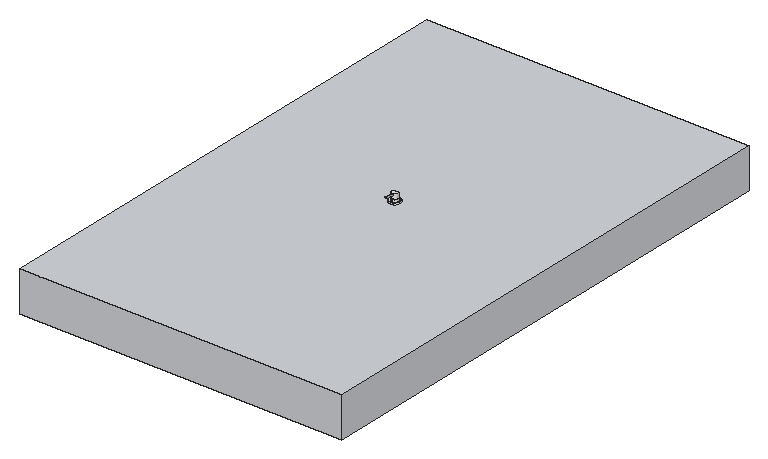
Revit family "Diverter_Valve_Trim-Two_Way-Grohe-Concetto-29108_Series", category Plumbing Fixtures, host Face, Revit 2018
Family settings
  Host = Face
  Round Connector Dimension = Use Diameter
  Part Type = Normal
  OmniClass Number = 23.45.05.14.17
  OmniClass Title = Showers
  Cut with Voids When Loaded = No
  Shared = Yes
  Room Calculation Point = No
Parameters (values of type "29108001")
  Width = 3 1/8"
  Waste Connection = no
  WFU = 4  # constant formula
  Vent Connection = no
  URL = "https://www.grohe.us"
  Type Comments = "GROHE StarLight scratch and tarnish-resistant surfaces for a lifetime of beauty, CALGreen and ADA compliant metal lever handle for shower head and hand shower outlets compatible with 0.5inch NPT 2-way diverter rough-in valves (29900 or 2990), and a metal wall escutcheon."  # constant formula
  Tempered Water Connection Diameter = 1/2"
  Tempered Water Connection = yes
  Revised Date = "07/12/2021"
  Product Page URL = "https://www.grohe.us/Bath-Shower-Trim-Kits/2-Way-Diverter-Trim/GROHE-CHROME-29108001"
  Product Documentation Link = "https://americanstandard.box.com/shared/static/0i51tw8tdv33h2wzc6rmaek00tzydmol.pdf"
  Price = "Prices may vary. Please consult Manufacturer Representative for most up-to-date price list."  # constant formula
  Model = "29108001"
  Material = "Metal-Grohe-001-StarLight Chrome"
  Manufacturer = "Grohe"  # constant formula
  Length = 2 5/8"
  Installation Type = "Wall Mounted"  # constant formula
  IAPMO Compliance = "ICC/ANSI A117.1"  # constant formula
  Height = 4 13/16"
  HWFU = 3  # constant formula
  HW Connection = no
  Finish = Metal-Grohe-001-StarLight Chrome
  Description = "Concetto 2-Way Diverter Trim (Shower head/Hand Shower)"  # constant formula
  Default Elevation = 44"  # constant formula
  Creation Date = "06/18/2018"  # constant formula
  CWFU = 3  # constant formula
  CW Connection = no
  Assembly Code = "D2010710"
  ADA Compliant = yes
Types (2): name | Product Page URL | Model | Material | Finish
  29108001 | "https://www.grohe.us/Bath-Shower-Trim-Kits/2-Way-Diverter-Trim/GROHE-CHROME-29108001" | "29108001" | "Metal-Grohe-001-StarLight Chrome" | Metal-Grohe-001-StarLight Chrome
  29108EN1 | "https://www.grohe.us/Bath-Shower-Trim-Kits/2-Way-Diverter-Trim/GROHE-BRUSHED-NICKEL-29108EN1" | "29108EN1" | "Metal-Grohe-EN1-Brushed Nickel Infinity Finish" | Metal-Grohe-EN1-Brushed Nickel Infinity Finish
Reference planes (in)
  plane 1 "Center (Front/Back)": y = 0
  plane 2: z = 0
  plane 3 "Center (Left/Right)": x = 0
  plane 4: z = 2.68355
  plane 5: z = 2.23466
  plane 6: y = -1.5625
  plane 7: y = 1.5625
  plane 8: z = 0.3125
  plane 9: z = 2.625
  plane 10: y = -3.25
  plane 11: through (0, -0.77615, 2.18879) normal (0, 0.1736, 0.9848)
  plane 12: z = 0.3125
  plane 13: z = -3.125
  plane 14: z = -2.87614
  plane 15: y = -44
Forms (in)
  Extrusion 1, solid
    sketch origin (0, 0, 0) x (1, 0, 0) y (0, 1, 0)
      loop
        line (-48, 72) -> (-48, -79.70833) -> (48, -79.70833) -> (48, 72) -> (-48, 72)
    from 0 to -12
  Revolve 2, solid, material "Metal-Grohe-001-StarLight Chrome" <- "Finish"
    sketch origin (0, 0, 0) x (0, 1, 0) y (0, 0, 1)
      loop
        line (1.5625, 0) -> (1.5625, 0.28125)
        arc (1.5625, 0.28125) -> (1.55354, 0.30316) -> (1.5318, 0.3125) r 0.03125
        arc (1.5318, 0.3125) -> (1.23954, 0.31715) -> (0.94727, 0.32082) r 87.07732
        line (0.94727, 0.32082) -> (0.94727, 0.89049)
        arc (0.94727, 0.89049) -> (0.93578, 0.91821) -> (0.90807, 0.92969) r 0.0392
        line (0.90807, 0.92969) -> (0.87317, 0.92969)
        arc (0.87317, 0.92969) -> (0.84961, 0.93945) -> (0.83984, 0.96302) r 0.03333
        line (0.83984, 0.96302) -> (0.83984, 0.99408) -> (0.9126, 0.99408)
        arc (0.9126, 0.99408) -> (0.93489, 1.00343) -> (0.94384, 1.02588) r 0.03125
        line (0.94384, 1.02588) -> (0.91813, 2.5) -> (0, 2.5) -> (0, 0) -> (1.5625, 0)
      axis (0, 2.5) -> (0, 0)
    angle from 0 to 360
  Extrusion 3, void
    sketch origin (0, 0, 0) x (0, 1, 0) y (0, 0, 1)
      loop
        line (0.98925, 1.94551) -> (0.98925, 2.57215) -> (-1, 2.57215) -> (-1, 2.39815)
        arc (-1, 2.39815) -> (-0.02642, 2.29426) -> (0.9257, 2.06594) r 7.59276
        line (0.9257, 2.06594) -> (0.9278, 1.94551) -> (0.98925, 1.94551)
      loop
        line (-3.5625, 2.68355) -> (-3.5625, 2.10924) -> (-3.25, 2.10924) -> (-3.25, 2.68355) -> (-3.5625, 2.68355)
    from -1.36469 to 1.35107
  Revolve 4, solid, material "Metal-Grohe-001-StarLight Chrome" <- "Finish"
    sketch origin (0, 0, 0) x (0, 1, 0) y (0, 0, 1)
      loop
        line (-3.3125, 2.63602) -> (-3.34506, 2.45137) -> (-0.7449, 1.99289) -> (-0.7449, 2.18328) -> (-3.3125, 2.63602)
      axis (-3.34506, 2.45137) -> (-0.7449, 1.99289)
    angle from 0 to 360
  Extrusion 5, void
    sketch origin (0, 0, 0) x (1, 0, 0) y (0, 1, 0)
      loop
        circle (0, 1.24324) r 0.02672
      loop
        circle (-0.06608, 1.24324) r 0.02672
      loop
        circle (0, 1.1693) r 0.02672
      loop
        circle (-0.0853, 1.1693) r 0.02672
      loop
        circle (0, 1.09535) r 0.02672
      loop
        circle (-0.10282, 1.09535) r 0.02672
      loop
        circle (0.06608, 1.24324) r 0.02672
      loop
        circle (0.0853, 1.1693) r 0.02672
      loop
        circle (0.10282, 1.09535) r 0.02672
      loop
        spline (-0.0978, 1.35897) -> (-0.11591, 1.35801) -> (-0.13279, 1.35518) -> (-0.14728, 1.35068) -> (-0.15839, 1.34481) -> (-0.16538, 1.33798) -> (-0.16777, 1.33066) -> (-0.16538, 1.32333) -> (-0.15839, 1.3165) -> (-0.14728, 1.31063) -> (-0.13279, 1.30613) -> (-0.11591, 1.3033) -> (-0.0978, 1.30234)
        line (-0.0978, 1.30234) -> (0.0978, 1.30234)
        spline (0.0978, 1.30234) -> (0.11591, 1.3033) -> (0.13279, 1.30613) -> (0.14728, 1.31063) -> (0.15839, 1.3165) -> (0.16538, 1.32333) -> (0.16777, 1.33066) -> (0.16538, 1.33798) -> (0.15839, 1.34481) -> (0.14728, 1.35068) -> (0.13279, 1.35518) -> (0.11591, 1.35801) -> (0.0978, 1.35897)
        line (0.0978, 1.35897) -> (-0.0978, 1.35897)
      loop
        circle (-0.17133, -1.1603) r 0.02672
      loop
        circle (-0.22612, -1.12335) r 0.02672
      loop
        circle (-0.21268, -1.22161) r 0.02672
      loop
        circle (-0.2834, -1.17391) r 0.02672
      loop
        circle (-0.25403, -1.28291) r 0.02672
      loop
        circle (-0.33928, -1.22541) r 0.02672
      loop
        circle (-0.11655, -1.19725) r 0.02672
      loop
        circle (-0.14197, -1.2693) r 0.02672
      loop
        circle (-0.16879, -1.34041) r 0.02672
      loop
        arc (-0.1865, -1.08021) -> (-0.01518, -1.2344) -> (0.1202, -1.42095) r 1.09871
        arc (0.1202, -1.42095) -> (0.19259, -1.42957) -> (0.20573, -1.35786) r 0.05325
        arc (0.20573, -1.35786) -> (0.05614, -1.17901) -> (-0.1327, -1.04227) r 0.94435
        arc (-0.1327, -1.04227) -> (-0.15977, -1.03603) -> (-0.18607, -1.04496) r 0.05084
        arc (-0.18607, -1.04496) -> (-0.19541, -1.06247) -> (-0.1865, -1.08021) r 0.02159
    from 0.30781 to 0.36012
Cuts and joins
  Extrusion 3, Extrusion 5 cuts Revolve 2
  Extrusion 3 cuts Revolve 4
Lines and regions (in)
  Masking region 1
    outline origin (0, 0, 0) x (1, 0, 0) y (0, 0, 1)
      loop
        arc (0.18783, 2.43461) -> (0.13299, 2.56847) -> (0, 2.62539) r 0.19081
        arc (0, 2.62539) -> (-0.13299, 2.56847) -> (-0.18783, 2.43461) r 0.19081
        line (-0.18783, 2.43461) -> (-0.18783, 2.39261) -> (-0.26997, 2.39261)
        spline (-0.26997, 2.39261) -> (-0.35602, 2.39151) -> (-0.44024, 2.38908) -> (-0.52123, 2.38536) -> (-0.5977, 2.38041) -> (-0.6684, 2.37431) -> (-0.73219, 2.36717) -> (-0.78802, 2.35909) -> (-0.83499, 2.3502) -> (-0.87234, 2.34067) -> (-0.89947, 2.33062) -> (-0.91592, 2.32024) -> (-0.92145, 2.30969)
        line (-0.92145, 2.30969) -> (-0.94384, 1.02588)
        arc (-0.94384, 1.02588) -> (-0.93489, 1.00343) -> (-0.9126, 0.99408) r 0.03125
        line (-0.9126, 0.99408) -> (-0.83984, 0.99408) -> (-0.83984, 0.96302)
        arc (-0.83984, 0.96302) -> (-0.84961, 0.93945) -> (-0.87317, 0.92969) r 0.03333
        line (-0.87317, 0.92969) -> (-0.90807, 0.92969)
        arc (-0.90807, 0.92969) -> (-0.93578, 0.91821) -> (-0.94727, 0.89049) r 0.0392
        line (-0.94727, 0.89049) -> (-0.94727, 0.32082)
        arc (-0.94727, 0.32082) -> (-1.23954, 0.31715) -> (-1.5318, 0.3125) r 87.07732
        arc (-1.5318, 0.3125) -> (-1.55354, 0.30316) -> (-1.5625, 0.28125) r 0.03125
        line (-1.5625, 0.28125) -> (-1.5625, 0) -> (1.5625, 0) -> (1.5625, 0.28125)
        arc (1.5625, 0.28125) -> (1.55354, 0.30316) -> (1.5318, 0.3125) r 0.03125
        arc (1.5318, 0.3125) -> (1.23954, 0.31715) -> (0.94727, 0.32082) r 87.07732
        line (0.94727, 0.32082) -> (0.94727, 0.89049)
        arc (0.94727, 0.89049) -> (0.93578, 0.91821) -> (0.90807, 0.92969) r 0.0392
        line (0.90807, 0.92969) -> (0.87317, 0.92969)
        arc (0.87317, 0.92969) -> (0.84961, 0.93945) -> (0.83984, 0.96302) r 0.03333
        line (0.83984, 0.96302) -> (0.83984, 0.99408) -> (0.9126, 0.99408)
        arc (0.9126, 0.99408) -> (0.93489, 1.00343) -> (0.94384, 1.02588) r 0.03125
        line (0.94384, 1.02588) -> (0.92145, 2.30969)
        spline (0.92145, 2.30969) -> (0.91563, 2.32052) -> (0.89829, 2.33117) -> (0.86973, 2.34145) -> (0.83043, 2.35119) -> (0.78107, 2.36021) -> (0.7225, 2.36837) -> (0.65571, 2.37553) -> (0.58185, 2.38156) -> (0.50218, 2.38637) -> (0.41806, 2.38986) -> (0.33093, 2.39197) -> (0.24229, 2.39268)
        line (0.24229, 2.39268) -> (0.18783, 2.39268) -> (0.18783, 2.43461)
  symbolic lines, detail levels medium+fine
    curve 1: spline (0.92145, 0, 2.30969) -> (0.89005, 0, 2.2466) -> (0.798, 0, 2.18781) -> (0.65156, 0, 2.13733) -> (0.46072, 0, 2.09859) -> (0.23849, 0, 2.07424) -> (0, 0, 2.06594) -> (-0.23849, 0, 2.07424) -> (-0.46072, 0, 2.09859) -> (-0.65156, 0, 2.13733) -> (-0.798, 0, 2.18781) -> (-0.89005, 0, 2.2466) -> (-0.92145, 0, 2.30969)
    curve 2: line (0.94727, 0, 0.32082) -> (-0.94727, 0, 0.32082)
    curve 3: line (0.83984, 0, 0.99408) -> (-0.83984, 0, 0.99408)
    curve 5: line (-0.18783, 0, 2.39261) -> (0.18776, 0, 2.39261)
  symbolic lines, detail levels fine
    curve 4: line (0.87317, 0, 0.92969) -> (-0.87317, 0, 0.92969)
Dimensions and locks (in)
  equal spacing: plane 7, plane 1 "Center (Front/Back)", plane 6, locked at 1.5625 each
  locked: plane 7 to plane 6 at 3.125
  "Height": plane 7 to plane 10
  locked: plane 9 to level at 2.625
  locked: Extrusion 3 sketch curve to Extrusion 3 sketch curve at 0.3125
  locked: Extrusion 3 sketch curve to Extrusion 3 sketch curve at 0.57432
  locked: plane 11 to Revolve 4 sketch curve at 0.1875
  locked: plane 1 "Center (Front/Back)" to Revolve 4 sketch curve at 0.7449
  locked: Revolve 2 sketch curve to level at 2.5
  locked: plane 12 to level at 0.3125
  locked: level to plane 13 at 3.125
  locked: plane 13 to plane 14 at 0.24886
  locked: Extrusion 5 sketch curve to plane 3 "Center (Left/Right)" at 0.10282
  "Default Elevation": plane 15 to plane 1 "Center (Front/Back)"
  aligned and locked: plane 2 to Extrusion 1
  aligned and locked: level to Extrusion 1
  aligned and locked: Revolve 2 sketch curve to plane 1 "Center (Front/Back)"  (x2)
  aligned and locked: level to Revolve 2 sketch curve
  aligned and locked: Extrusion 3 sketch curve to plane 10
  aligned and locked: Revolve 4 sketch curve to plane 11
  aligned and locked: plane 8 to Revolve 2 sketch curve
  aligned and locked: Masking region 1 sketch curve to cut or joined group of Extrusion 3, Revolve 4  (x2)
  aligned and locked: level to Masking region 1 sketch curve
  aligned and locked: plane 3 "Center (Left/Right)" to Extrusion 5 sketch curve
Automatic sketch dimensions
  Extrusion 1 sketch curve to Extrusion 1 sketch curve = 96"
  Extrusion 1 sketch curve to Extrusion 1 sketch curve = 151.70833"
  plane 9 to Revolve 4 sketch curve = 0.01102"
  plane 10 to Revolve 4 sketch curve = 0.09506"
  Revolve 4 sketch curve to Revolve 4 sketch curve = 1/32"
  Revolve 4 sketch curve to Revolve 4 sketch curve = 0.14916"
  Revolve 2 sketch curve to plane 8 = 0"
  Revolve 2 sketch curve to plane 7 = 0"
  Revolve 2 sketch curve to plane 1 "Center (Front/Back)" = 0.0002"
  Revolve 2 sketch curve to plane 7 = 185/256"
  Revolve 2 sketch curve to Revolve 2 sketch curve = 0.03333"
  Revolve 2 sketch curve to Revolve 2 sketch curve = 0.03489"
  Revolve 2 sketch curve to Revolve 2 sketch curve = 0.03943"
  Revolve 2 sketch curve to plane 7 = 0.64437"
  Revolve 2 sketch curve to Revolve 2 sketch curve = 1/32"  (x3)
  plane 8 to Revolve 2 sketch curve = 0.00832"
  Revolve 2 sketch curve to Revolve 2 sketch curve = 0.0392"
  Revolve 2 sketch curve to Revolve 2 sketch curve = 0.56967"
  Revolve 2 sketch curve to Revolve 2 sketch curve = 0.03107"
  plane 4 to Revolve 2 sketch curve = 1.42246"
  Revolve 2 sketch curve to Revolve 2 sketch curve = 1/4"
  Extrusion 3 sketch curve to plane 4 = 0.1114"
  Extrusion 3 sketch curve to plane 4 = 0"
  Extrusion 3 sketch curve to plane 6 = 0.24527"
  Extrusion 3 sketch curve to plane 6 = 9/16"
  Extrusion 3 sketch curve to plane 5 = 0.16872"
  Extrusion 3 sketch curve to Extrusion 3 sketch curve = 0.0021"
  Extrusion 3 sketch curve to plane 7 = 0.57325"
  Extrusion 3 sketch curve to Extrusion 3 sketch curve = 0.12043"
  Masking region 1 sketch curve to plane 12 = 0"  (x4)
  Masking region 1 sketch curve to Masking region 1 sketch curve = 0.08214"
  Masking region 1 sketch curve to plane 3 "Center (Left/Right)" = 215/256"
  Masking region 1 sketch curve to Masking region 1 sketch curve = 0.03333"  (x2)
  Masking region 1 sketch curve to Masking region 1 sketch curve = 0.03489"  (x2)
  Masking region 1 sketch curve to Masking region 1 sketch curve = 0.03943"  (x2)
  plane 5 to Masking region 1 sketch curve = 0.07503"  (x2)
  Masking region 1 sketch curve to Masking region 1 sketch curve = 0.65148"
  Masking region 1 sketch curve to Masking region 1 sketch curve = 1/32"  (x4)
  Masking region 1 sketch curve to Masking region 1 sketch curve = 0.0392"  (x2)
  Masking region 1 sketch curve to plane 12 = 1/32"  (x2)
  Masking region 1 sketch curve to Masking region 1 sketch curve = 0.58398"  (x2)
  Masking region 1 sketch curve to plane 3 "Center (Left/Right)" = 0.0002"
  plane 3 "Center (Left/Right)" to Masking region 1 sketch curve = 0.0002"
  Masking region 1 sketch curve to Masking region 1 sketch curve = 0.05447"
  plane 3 "Center (Left/Right)" to Masking region 1 sketch curve = 215/256"
  Masking region 1 sketch curve to Masking region 1 sketch curve = 0.67915"
  plane 13 to Masking region 1 sketch curve = 83.62635"
  Masking region 1 sketch curve to Masking region 1 sketch curve = 0"
  Masking region 1 sketch curve to Masking region 1 sketch curve = 0.56967"  (x2)
  Masking region 1 sketch curve to Masking region 1 sketch curve = 0.03107"  (x2)
  Masking region 1 sketch curve to Masking region 1 sketch curve = 0.04199"
  Masking region 1 sketch curve to Masking region 1 sketch curve = 0.04192"
  Masking region 1 sketch curve to Masking region 1 sketch curve = 0.02767"
  plane 5 to Masking region 1 sketch curve = 0.07502"  (x2)
  Extrusion 5 sketch curve to plane 3 "Center (Left/Right)" = 0"  (x2)
  Extrusion 5 sketch curve to Extrusion 5 sketch curve = 0.01922"  (x2)
  Extrusion 5 sketch curve to Extrusion 5 sketch curve = 0.03173"  (x2)
  Extrusion 5 sketch curve to Extrusion 5 sketch curve = 0.01752"  (x2)
  Extrusion 5 sketch curve to plane 3 "Center (Left/Right)" = 0.11655"
  Extrusion 5 sketch curve to Extrusion 5 sketch curve = 0.02542"
  Extrusion 5 sketch curve to Extrusion 5 sketch curve = 0.04065"
  Extrusion 5 sketch curve to Extrusion 5 sketch curve = 0.02682"
  Extrusion 5 sketch curve to Extrusion 5 sketch curve = 0.05478"  (x2)
  Extrusion 5 sketch curve to Extrusion 5 sketch curve = 0.01661"
  Extrusion 5 sketch curve to Extrusion 5 sketch curve = 0.04135"  (x2)
  Extrusion 5 sketch curve to Extrusion 5 sketch curve = 0.05728"
  Extrusion 5 sketch curve to Extrusion 5 sketch curve = 0.05588"
  Extrusion 5 sketch curve to Extrusion 5 sketch curve = 0.24391"
  plane 3 "Center (Left/Right)" to Extrusion 5 sketch curve = 0.06608"
  plane 3 "Center (Left/Right)" to Extrusion 5 sketch curve = 0.16098"
  Extrusion 5 sketch curve to Extrusion 5 sketch curve = 0.09978"
  Extrusion 5 sketch curve to plane 6 = 45/256"
  Extrusion 5 sketch curve to plane 6 = 0.22209"
  Extrusion 5 sketch curve to Extrusion 5 sketch curve = 0.0575"  (x2)
  Extrusion 5 sketch curve to Extrusion 5 sketch curve = 0.0711"
  Extrusion 5 sketch curve to Extrusion 5 sketch curve = 0.0613"
  Extrusion 5 sketch curve to Extrusion 5 sketch curve = 0.07205"
  Extrusion 5 sketch curve to Extrusion 5 sketch curve = 0.0515"
  Extrusion 5 sketch curve to Extrusion 5 sketch curve = 0.03695"  (x2)
  Extrusion 5 sketch curve to Extrusion 5 sketch curve = 0.07349"
  Extrusion 5 sketch curve to Extrusion 5 sketch curve = 0.02408"
  Extrusion 5 sketch curve to plane 7 = 0.46715"
  Extrusion 5 sketch curve to Extrusion 5 sketch curve = 0"  (x9)
  Extrusion 5 sketch curve to Extrusion 5 sketch curve = 0.07395"  (x5)
  Extrusion 5 sketch curve to Extrusion 5 sketch curve = 0.0591"
  Extrusion 5 sketch curve to Extrusion 5 sketch curve = 0.05663"
  Extrusion 5 sketch curve to Extrusion 5 sketch curve = 0.04111"
  Extrusion 5 sketch curve to Extrusion 5 sketch curve = 0.04079"
  Extrusion 5 sketch curve to Extrusion 5 sketch curve = 0.04475"
  Extrusion 3 sketch curve to Extrusion 3 sketch curve = 0.06355"
  plane 13 to Extrusion 3 sketch curve = 2.06298"
  curve 1 to plane 3 "Center (Left/Right)" = 0"
  plane 12 to curve 2 = 0.00832"
  curve 5 to plane 3 "Center (Left/Right)" = 0.18783"
  curve 3 to plane 3 "Center (Left/Right)" = 215/256"
  curve 4 to curve 3 = 0.03333"
  plane 5 to curve 1 = 0.07503"
  curve 1 to curve 5 = 0.73362"
  curve 2 to curve 4 = 0.07409"
  plane 3 "Center (Left/Right)" to curve 5 = 0.18776"
  plane 3 "Center (Left/Right)" to curve 3 = 215/256"
  curve 3 to curve 4 = 0.03333"
  curve 4 to curve 2 = 0.07409"
  curve 2 to curve 4 = 0.60887"
  curve 4 to curve 3 = 0.0644"
  plane 5 to curve 5 = 0.15796"
  radius of Extrusion 5 sketch curve = 0.02672"  (x18)
